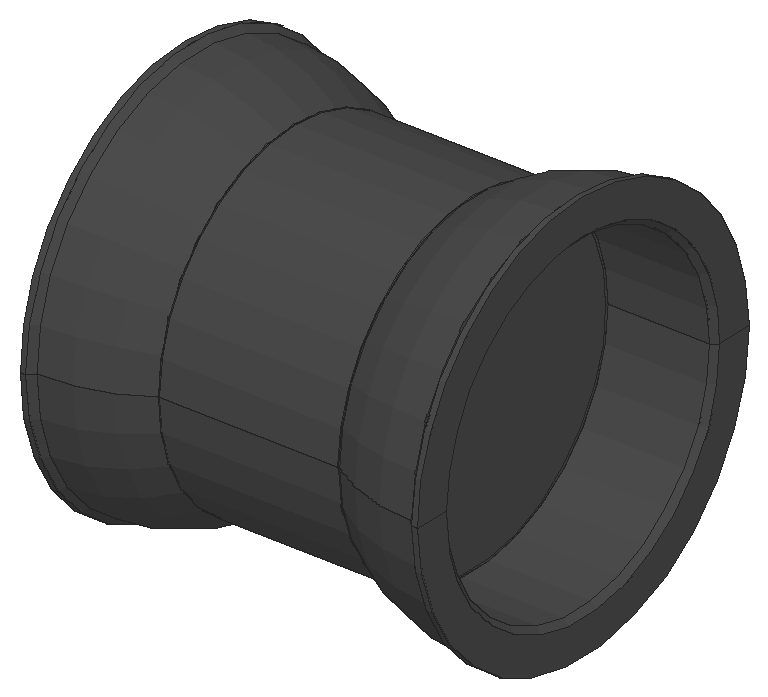
Revit family "Duc_JGS_Luvas", category Pipe Fittings, Revit 2025
Family settings
  Round Connector Dimension = Use Diameter
  Part Type = Union
  Work Plane-Based = No
  Always vertical = No
  Cut with Voids When Loaded = No
  Shared = Yes
Parameters
  Tabela [instance] = "Duc_JGS_Luvas"
  Nominal Radius [instance] = Nominal Diameter / 2  # 150.0 mm
  Nominal Diameter [instance] = 300.0 mm
  Material_Conexao = FOFO
  Manufacturer = "SGC"
  Loss Method = Not Defined
  K Coefficient Table = "Tee"
  EK7 [instance] = size_lookup(Tabela, "EK7", 5.2 mm, Nominal Diameter)  # 5.7 mm
  Description = "Luvas com Bolsas"
  Default Elevation = 0.0 mm
  Corpo_R1 [instance] = (size_lookup(Tabela, "Bolsa_DE", 54.2 mm, Nominal Diameter) / 2) + EK7  # 168.7 mm
  Corpo_L [instance] = size_lookup(Tabela, "Corpo_L", 160.0 mm, Nominal Diameter)  # 180.0 mm
  Angle [instance] = 0.00°
Reference planes
  plane 1 "Center (Front/Back)": y = 0
  plane 2: z = 0
  plane 3 "Center (Left/Right)": x = 468.25
  plane 4 "EE": x = 378.25
  plane 5 "ED": x = 558.25
Forms (mm)
  Sweep 1, solid, material "FOFO" <- "Material_Conexao"
    path origin (0, 0, 0) x (1, 0, 0) y (0, 1, 0)
      loop
        line (378.25, 0) -> (558.25, 0)
    profile origin (468.25, 0, 0) x (0, 1, 0) y (0, 0, 1)
      loop
        circle (0, 0) r 168.7
  Sweep 2, solid, material "FOFO" <- "Material_Conexao"
    path origin (0, 0, 0) x (1, 0, 0) y (0, -1, 0)
      loop
        line (378.25, 0) -> (558.25, 0)
    profile origin (468.25, 0, 0) x (0, 1, 0) y (0, 0, 1)
      loop
        circle (0, 0) r 168.7
Dimensions and locks
  "Corpo_L": plane 4 "EE" to plane 5 "ED"
  equal spacing: plane 4 "EE", plane 3 "Center (Left/Right)", plane 5 "ED"
  "Corpo_R1": radius of Sweep 1 sketch curve
  "Corpo_R1": radius of Sweep 2 sketch curve
  aligned and locked: plane 1 "Center (Front/Back)" to Sweep 1 sketch curve
  aligned and locked: plane 5 "ED" to Sweep 1 sketch curve
  aligned and locked: plane 4 "EE" to Sweep 1 sketch curve
  aligned and locked: nested 1 to plane 5 "ED"
  aligned and locked: nested 2 to plane 4 "EE"
Automatic sketch dimensions
  plane 1 "Center (Front/Back)" to Sweep 2 sketch curve = 0.0 mm
  Sweep 2 sketch curve to plane 4 "EE" = 0.0 mm
  Sweep 2 sketch curve to plane 5 "ED" = 0.0 mm
  Sweep 1 sketch curve to level = 0.0 mm
  Sweep 1 sketch curve to profile plane = 0.0 mm
  Sweep 2 sketch curve to level = 0.0 mm
  Sweep 2 sketch curve to profile plane = 0.0 mm
Nested families
  nested 1: "Duc_JGS_Bolsas" at (-2060, 0, 0), Nominal Radius <- "Nominal Radius", Nominal Diameter <- "Nominal Diameter", type "Duc_JGS_Bolsas"
    with Tabela "Duc_JGS_Bolsas", Nominal Radius 150.0 mm, Nominal Diameter 300.0 mm, EK7 5.7 mm, Borde2 11.4 mm, Borde1 5.7 mm, Bolsa_P 107.5 mm, Bolsa_DI 164.5 mm, Bolsa_DE1 168.7 mm, Bolsa_DE 163.0 mm, Bolsa_B 205.0 mm
  nested 2: "Duc_JGS_Bolsas" at (2996.5, 0, 0) x (-1, 0, 0) z (0, 0, 1), Nominal Radius <- "Nominal Radius", Nominal Diameter <- "Nominal Diameter", type "Duc_JGS_Bolsas"
    with Tabela "Duc_JGS_Bolsas", Nominal Radius 150.0 mm, Nominal Diameter 300.0 mm, EK7 5.7 mm, Borde2 11.4 mm, Borde1 5.7 mm, Bolsa_P 107.5 mm, Bolsa_DI 164.5 mm, Bolsa_DE1 168.7 mm, Bolsa_DE 163.0 mm, Bolsa_B 205.0 mm
Connectors
  piping at (558.25, 0, 0), diameter 300, driven by "Nominal Diameter", driven by "Angle"
    settings: on Sweep 1, index 1, connector inside diameter 609.6 mm, connector length 0.0 mm, flow factor 0, pipe flow 0 L/s, pressure drop 0.00 psi, fitting loss kfactor 0, connector angle 0.00°, fixture units 0, engagement length 0.0 mm, angle of deflection 0.00°, flow configuration 0, flow direction 0, fitting loss method 0, system type 28, joint type 0, gender type 0, connector reference index -1, connector utility 0, adjustable connector no, is connector primary yes, connector description ""
  piping at (378.25, 0, 0), diameter 300, driven by "Nominal Diameter", driven by "Angle"
    settings: on Sweep 1, index 2, connector inside diameter 609.6 mm, connector length 0.0 mm, flow factor 0, pipe flow 0 L/s, pressure drop 0.00 psi, fitting loss kfactor 0, connector angle 0.00°, fixture units 0, engagement length 0.0 mm, angle of deflection 0.00°, flow configuration 0, flow direction 0, fitting loss method 0, system type 28, joint type 0, gender type 0, connector reference index -1, connector utility 0, adjustable connector no, is connector primary no, connector description ""
Definition of nested family "Duc_JGS_Bolsas"
  Parameters (values of type "Duc_JGS_Bolsas")
    Tabela [instance] = "Duc_JGS_Bolsas"
    Nominal Radius [instance] = Nominal Diameter / 2  # 40.0 mm
    Nominal Diameter [instance] = 80.0 mm
    Manufacturer = "SGC"
    Loss Method = 1
    K Coefficient Table = "Tee"
    EK7 [instance] = size_lookup(Tabela, "EK7", 5.2 mm, Nominal Diameter)  # 5.2 mm
    Description = "Bolsas JGS - JTI - JTE"
    Material_Conexao = none
    Default Elevation = 0.0 mm
    Borde2 [instance] = EK7 * 2  # 10.4 mm
    Borde1 [instance] = EK7  # 5.2 mm
    Bolsa_DE1 [instance] = Bolsa_DE + EK7  # 54.2 mm
    Bolsa_P [instance] = size_lookup(Tabela, "Bolsa_P", 94.5 mm, Nominal Diameter)  # 92.5 mm
    Bolsa_DI [instance] = size_lookup(Tabela, "Bolsa_DI", 60.5 mm, Nominal Diameter) / 2  # 50.5 mm
    Bolsa_DE [instance] = size_lookup(Tabela, "Bolsa_DE", 59.0 mm, Nominal Diameter) / 2  # 49.0 mm
    Bolsa_B [instance] = size_lookup(Tabela, "Bolsa_B", 118.0 mm, Nominal Diameter) / 2  # 84.0 mm
  Reference planes
    plane 1 "Center (Front/Back)": y = 0
    plane 2: z = 0
    plane 3 "Center (Left/Right)": x = 2618.25
    plane 4: x = 2710.75
    plane 5: y = 84
    plane 6: y = 50.5
    plane 7: y = 49
    plane 8: y = 54.2
  Forms (mm)
    Revolve 1, solid, material <- "Material_Conexao"
      sketch origin (0, 0, 0) x (1, 0, 0) y (0, 1, 0)
        loop
          line (2618.25, 50.5) -> (2705.55, 50.5) -> (2710.75, 55.7) -> (2710.75, 84) -> (2705.55, 84) -> (2700.35, 78.8)
          arc (2700.35, 78.8) -> (2657.555, 72.323) -> (2618.25, 54.2) r 154.08
          line (2618.25, 54.2) -> (2617.25, 54.2) -> (2617.25, 49) -> (2618.25, 49) -> (2618.25, 50.5)
        axis (2617.25, 0) -> (2710.75, 0)
      angle from 0 to 360
  Lines and regions (mm)
    model lines
      curve 1: line (2618.25, 0, 200.5) -> (2618.25, 0, -200.5)
      curve 3: line (2618.25, 0, 0) -> (2710.75, 0, 0)
    reference lines
      curve 2: line (2618.25, 0, 0) -> (2710.75, 0, 0)
  Dimensions and locks
    "Borde1": Revolve 1 sketch curve to Revolve 1 sketch curve  (x4)
    "Borde2": Revolve 1 sketch curve to Revolve 1 sketch curve
    "Borde1": Revolve 1 sketch curve to plane 8
    "Bolsa_B": plane 5 to plane 1 "Center (Front/Back)"
    "Bolsa_DI": plane 6 to plane 1 "Center (Front/Back)"
    "Bolsa_DE": plane 7 to plane 1 "Center (Front/Back)"
    "Bolsa_DE1": plane 8 to plane 1 "Center (Front/Back)"
    "Bolsa_P": plane 3 "Center (Left/Right)" to plane 4
    locked: Revolve 1 sketch curve to Revolve 1 sketch curve at 1
    aligned and locked: plane 5 to Revolve 1 sketch curve
    aligned and locked: Revolve 1 sketch curve to plane 6
    aligned and locked: Revolve 1 sketch curve to plane 3 "Center (Left/Right)"
    aligned and locked: plane 1 "Center (Front/Back)" to curve 2
    aligned and locked: curve 2 to plane 3 "Center (Left/Right)"
    aligned and locked: plane 4 to curve 2
    aligned and locked: curve 3 to curve 2
  Automatic sketch dimensions
    curve 1 to plane 1 "Center (Front/Back)" = 0.0 mm
    curve 1 to level = 200.5 mm
    level to curve 1 = 200.5 mm
    curve 3 to plane 3 "Center (Left/Right)" = 0.0 mm
    curve 3 to plane 4 = 0.0 mm
    Revolve 1 sketch curve to plane 1 "Center (Front/Back)" = 0.0 mm
    Revolve 1 sketch curve to plane 3 "Center (Left/Right)" = 0.0 mm  (x2)
    Revolve 1 sketch curve to plane 4 = 0.0 mm
    Revolve 1 sketch curve to plane 8 = 0.0 mm
    Revolve 1 sketch curve to plane 4 = 8.97 mm
    plane 4 to Revolve 1 sketch curve = 1.322 mm
